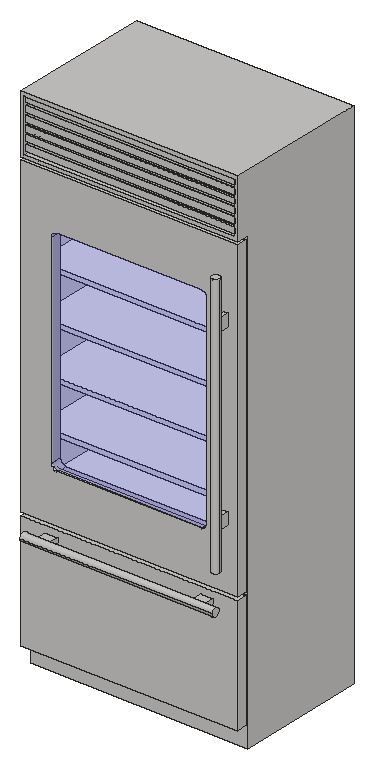
Revit family "M_Refrigerador-combinado-porta de vidro", category Equipamento especial, Revit 2019
Family settings
  Cota do conector redondo = Utilizar diâmetro
  Tipo de parte = Normal
  Número OmniClass = 23.40.40.14
  Título OmniClass = Food Service Equipment
  Com base no plano de trabalho = Não
  Sempre na vertical = Sim
  Corte com vazios quando carregada = Não
  Compartilhado = Não
  Ponto de cálculo do ambiente = Não
Parameters (values of type "900mm LH")
  Largura = 900 mm
  Deslocamento de parede = 100 mm
  Voltagem = 120 V
  Mostrar legenda = yes
  RH = no
  Consumo de energia = 1000 VA
  Legenda = "Refrigerador"
  LH = not(RH)  # yes
  Acabamento interior = Eletrodoméstico – Plástico – Branco
  Altura = 2150 mm
  Linha de centro do puxador = if(RH, 50 mm, (Largura - 50 mm))  # 850 mm
  Vidro = Eletrodoméstico – Vidro
  Junta = Eletrodoméstico – Junta
  Descrição = "Refrigerador combinado com porta de vidro"
  Linear = 600 mm
  Código de montagem = "E1090320"
  Acabamento do eletrodoméstico = Eletrodoméstico – Aço inoxidável
  Amperagem = Consumo de energia / Voltagem  # 8.33333 A
Types (2, lengths in mm): name | RH | LH | Linha de centro do puxador
  900mm LH | no | yes | 850
  900mm RH | yes | no | 50
Reference planes
  plane 1 "Parte posterior": y = 0
  plane 2: z = 0
  plane 3 "Centro (Esquerda/Direita)": x = 0
  plane 4 "Esquerda": x = -450
  plane 5 "Direita": x = 450
  plane 6: y = -100
  plane 7 "Parte frontal": y = -700
  plane 8 "Traseira da porta": y = -649.2
  plane 9 "Superior": z = 2150
  plane 10 "Porta B.O.": z = 88.9
  plane 11: z = 1905.525
  plane 12: x = 400
  plane 13: z = 1778.525
  plane 14: z = 685.8
  plane 15: z = 584.2
  plane 16: z = 533.4
  plane 17: z = 1508.125
  plane 18: z = 1304.925
  plane 19: z = 1101.725
  plane 20: z = 898.525
Forms (mm)
  Extrusion 1, solid, material "Eletrodoméstico – Aço inoxidável" <- "Acabamento do eletrodoméstico"
    sketch origin (0, 0, 0) x (1, 0, 0) y (0, 1, 0)
      loop
        line (-450, -100) -> (-450, -649.2) -> (450, -649.2) -> (450, -100) -> (-450, -100)
    from 0 to 2150
  Extrusion 2, solid, material "Eletrodoméstico – Aço inoxidável" <- "Acabamento do eletrodoméstico"
    sketch origin (0, -700, 0) x (-1, 0, 0) y (0, 0, 1)
      loop
        line (450, 2150) -> (-450, 2150) -> (-450, 1905.525) -> (450, 1905.525) -> (450, 2150)
      loop
        line (437.3, 2137.3) -> (-437.3, 2137.3) -> (-437.3, 1918.225) -> (437.3, 1918.225) -> (437.3, 2137.3)
    from 0 to 50.8
  Extrusion 3, solid, material "Eletrodoméstico – Aço inoxidável" <- "Acabamento do eletrodoméstico"
    sketch origin (0, 0, 0) x (0, 1, 0) y (0, 0, 1)
      loop
        line (-649.2, 1921.627) -> (-693.65, 1933.537) -> (-693.65, 1956.386) -> (-696.825, 1956.386) -> (-696.825, 1930.986) -> (-649.2, 1918.225) -> (-649.2, 1921.627)
      loop
        line (-649.2, 1957.809) -> (-693.65, 1969.72) -> (-693.65, 1992.569) -> (-696.825, 1992.569) -> (-696.825, 1967.169) -> (-649.2, 1954.408) -> (-649.2, 1957.809)
      loop
        line (-649.2, 1993.992) -> (-693.65, 2005.902) -> (-693.65, 2028.752) -> (-696.825, 2028.752) -> (-696.825, 2003.352) -> (-649.2, 1990.591) -> (-649.2, 1993.992)
      loop
        line (-649.2, 2030.175) -> (-693.65, 2042.085) -> (-693.65, 2064.934) -> (-696.825, 2064.934) -> (-696.825, 2039.534) -> (-649.2, 2026.773) -> (-649.2, 2030.175)
      loop
        line (-649.2, 2066.358) -> (-693.65, 2078.268) -> (-693.65, 2101.117) -> (-696.825, 2101.117) -> (-696.825, 2075.717) -> (-649.2, 2062.956) -> (-649.2, 2066.358)
      loop
        line (-649.2, 2102.54) -> (-693.65, 2114.451) -> (-693.65, 2137.3) -> (-696.825, 2137.3) -> (-696.825, 2111.9) -> (-649.2, 2099.139) -> (-649.2, 2102.54)
    from -437.3 to 437.3
  Extrusion 4, solid, material "Eletrodoméstico – Aço inoxidável" <- "Acabamento do eletrodoméstico", detail levels fine
    sketch origin (0, -700, 0) x (-1, 0, 0) y (0, 0, 1)
      loop
        line (-390.475, 1626.125) -> (-409.525, 1626.125) -> (-409.525, 1575.325) -> (-390.475, 1575.325) -> (-390.475, 1626.125)
      loop
        line (-390.475, 889) -> (-409.525, 889) -> (-409.525, 838.2) -> (-390.475, 838.2) -> (-390.475, 889)
    from -42.559 to 0
  Extrusion 5, solid, material "Eletrodoméstico – Aço inoxidável" <- "Acabamento do eletrodoméstico", detail levels fine
    sketch origin (0, 0, 0) x (1, 0, 0) y (0, 1, 0)
      loop
        circle (400, -751.174) r 15.875
    from 685.8 to 1778.525
  Extrusion 6, solid, material "Eletrodoméstico – Aço inoxidável" <- "Acabamento do eletrodoméstico"
    sketch origin (0, -700, 0) x (-1, 0, 0) y (0, 0, 1)
      loop
        line (450, 1892.825) -> (-450, 1892.825) -> (-450, 584.2) -> (450, 584.2) -> (450, 1892.825)
      loop
        line (450, 571.5) -> (-450, 571.5) -> (-450, 88.9) -> (450, 88.9) -> (450, 571.5)
      loop
        line (297.6, 1676.925) -> (-297.6, 1676.925)
        arc (-297.6, 1676.925) -> (-315.561, 1669.486) -> (-323, 1651.525) r 25.4
        line (-323, 1651.525) -> (-323, 812.8)
        arc (-323, 812.8) -> (-315.561, 794.839) -> (-297.6, 787.4) r 25.4
        line (-297.6, 787.4) -> (297.6, 787.4)
        arc (297.6, 787.4) -> (315.561, 794.839) -> (323, 812.8) r 25.4
        line (323, 812.8) -> (323, 1651.525)
        arc (323, 1651.525) -> (315.561, 1669.486) -> (297.6, 1676.925) r 25.4
    from 0 to 44.45
  Extrusion 7, solid, material "Eletrodoméstico – Aço inoxidável" <- "Acabamento do eletrodoméstico", detail levels fine
    sketch origin (0, -700, 0) x (-1, 0, 0) y (0, 0, 1)
      loop
        line (348.4, 542.925) -> (297.6, 542.925) -> (297.6, 523.875) -> (348.4, 523.875) -> (348.4, 542.925)
      loop
        line (-348.4, 542.925) -> (-348.4, 523.875) -> (-297.6, 523.875) -> (-297.6, 542.925) -> (-348.4, 542.925)
    from 0 to -42.565
  Extrusion 8, solid, material "Eletrodoméstico – Aço inoxidável" <- "Acabamento do eletrodoméstico", detail levels fine
    sketch origin (0, 0, 0) x (0, 1, 0) y (0, 0, 1)
      loop
        circle (-751.174, 533.4) r 15.875
    from -399.2 to 399.2
  Sweep 9, solid, material "Eletrodoméstico – Junta" <- "Junta", detail levels fine
    path in 3D
      loop
        line (-450, -700, 1892.825) -> (-450, -700, 584.2) -> (450, -700, 584.2) -> (450, -700, 1892.825) -> (-450, -700, 1892.825)
    profile origin (0, -700, 1892.825) x (0, -1, 0) y (0, 0, 1)
      loop
        arc (-44.45, -3.175) -> (-47.625, 0) -> (-50.8, -3.175) r 3.175
        line (-50.8, -3.175) -> (-50.8, -6.35) -> (-44.45, -6.35) -> (-44.45, -3.175)
  Sweep 10, solid, material "Eletrodoméstico – Junta" <- "Junta", detail levels fine
    path in 3D
      loop
        line (-450, -700, 571.5) -> (-450, -700, 88.9) -> (450, -700, 88.9) -> (450, -700, 571.5) -> (-450, -700, 571.5)
    profile origin (0, -700, 571.5) x (0, -1, 0) y (0, 0, 1)
      loop
        arc (-44.45, -3.175) -> (-47.625, 0) -> (-50.8, -3.175) r 3.175
        line (-50.8, -3.175) -> (-50.8, -6.35) -> (-44.45, -6.35) -> (-44.45, -3.175)
  Extrusion 11, solid, material "Eletrodoméstico – Vidro" <- "Vidro"
    sketch origin (0, -700, 0) x (-1, 0, 0) y (0, 0, 1)
      loop
        line (297.6, 1676.925) -> (-297.6, 1676.925)
        arc (-297.6, 1676.925) -> (-315.561, 1669.486) -> (-323, 1651.525) r 25.4
        line (-323, 1651.525) -> (-323, 812.8)
        arc (-323, 812.8) -> (-315.561, 794.839) -> (-297.6, 787.4) r 25.4
        line (-297.6, 787.4) -> (297.6, 787.4)
        arc (297.6, 787.4) -> (315.561, 794.839) -> (323, 812.8) r 25.4
        line (323, 812.8) -> (323, 1651.525)
        arc (323, 1651.525) -> (315.561, 1669.486) -> (297.6, 1676.925) r 25.4
    from 6.35 to 19.028
  Extrusion 12, solid, material "Eletrodoméstico – Plástico – Branco" <- "Acabamento interior", detail levels fine
    sketch origin (0, -649.2, 0) x (-1, 0, 0) y (0, 0, 1)
      loop
        line (424.6, 1508.125) -> (-424.6, 1508.125) -> (-424.6, 1489.075) -> (424.6, 1489.075) -> (424.6, 1508.125)
      loop
        line (424.6, 1304.925) -> (-424.6, 1304.925) -> (-424.6, 1285.875) -> (424.6, 1285.875) -> (424.6, 1304.925)
      loop
        line (424.6, 1101.725) -> (-424.6, 1101.725) -> (-424.6, 1082.675) -> (424.6, 1082.675) -> (424.6, 1101.725)
      loop
        line (424.6, 898.525) -> (-424.6, 898.525) -> (-424.6, 879.475) -> (424.6, 879.475) -> (424.6, 898.525)
    from 0 to 523.8
  Extrusion 13, void
    sketch origin (0, -649.2, 0) x (-1, 0, 0) y (0, 0, 1)
      loop
        line (424.6, 1905.525) -> (-424.6, 1905.525) -> (-424.6, 685.8) -> (424.6, 685.8) -> (424.6, 1905.525)
    from 0 to 523.8
Cuts and joins
  Extrusion 13 cuts Extrusion 1
  Extrusion 13 cuts Extrusion 2
  joined: Extrusion 1, Extrusion 2
  joined: Extrusion 4, Extrusion 5
  joined: Extrusion 7, Extrusion 8
  Extrusion 13 cuts Sweep 9
Lines and regions (mm)
  Split face 1
    outline origin (-450, -100, 0) x (1, 0, 0) y (0, 0, -1)
      loop
        circle (747.6, -1997.6) r 50.8
  Split face 2
    outline origin (-450, -100, 0) x (1, 0, 0) y (0, 0, -1)
      loop
        circle (450, -88.9) r 50.8
  Masking region 1
    outline origin (0, 0, 0) x (1, 0, 0) y (0, 1, 0)
      loop
        line (-450, -100) -> (-450, -700) -> (450, -700) -> (450, -100) -> (-450, -100)
  Masking region 2, detail levels fine
    outline origin (0, 0, 0) x (1, 0, 0) y (0, 1, 0)
      loop
        line (409.525, -738.474) -> (409.525, -700) -> (390.475, -700) -> (390.475, -738.474)
        arc (390.475, -738.474) -> (385.801, -744.075) -> (384.125, -751.174) r 15.875
        arc (384.125, -751.174) -> (400, -767.049) -> (415.875, -751.174) r 15.875
        arc (415.875, -751.174) -> (414.199, -744.075) -> (409.525, -738.474) r 15.875
  symbolic lines, style "Eletrodomésticos – Giro da planta", visible <- "LH", detail levels medium+fine
    curve 1: arc (450, -700, 0) -> (186.396, -1336.396, 0) -> (-450, -1600, 0) r 900
    curve 2: line (-450, -700, 0) -> (-450, -1600, 0)
  symbolic lines, style "Eletrodomésticos – Giro da planta", visible <- "RH", detail levels medium+fine
    curve 3: arc (-450, -700, 0) -> (-186.396, -1336.396, 0) -> (450, -1600, 0) r 900
    curve 4: line (450, -1600, 0) -> (450, -700, 0)
  sketch lines
    curve 5: line (450, -700, 1892.825) -> (-450, -700, 1892.825)
    curve 6: line (450, -700, 584.2) -> (450, -700, 1892.825)
    curve 7: line (-450, -700, 584.2) -> (450, -700, 584.2)
    curve 8: line (-450, -700, 1892.825) -> (-450, -700, 584.2)
    curve 9: line (450, -700, 571.5) -> (-450, -700, 571.5)
    curve 10: line (450, -700, 88.9) -> (450, -700, 571.5)
    curve 11: line (-450, -700, 88.9) -> (450, -700, 88.9)
    curve 12: line (-450, -700, 571.5) -> (-450, -700, 88.9)
  symbolic lines, style "Eletrodomésticos"
    curve 13: line (-450, -100, 0) -> (450, -100, 0)
    curve 14: line (-450, -700, 0) -> (-450, -100, 0)
    curve 15: line (450, -700, 0) -> (-450, -700, 0)
    curve 16: line (450, -100, 0) -> (450, -700, 0)
    curve 17: line (-450, -649.2, 0) -> (450, -649.2, 0)
  symbolic lines, style "Eletrodomésticos", detail levels fine
    curve 18: arc (384.125, -751.174, 0) -> (400, -767.049, 0) -> (415.875, -751.174, 0) r 15.875
    curve 19: arc (415.875, -751.174, 0) -> (400, -735.299, 0) -> (384.125, -751.174, 0) r 15.875
    curve 20: line (409.525, -738.474, 0) -> (409.525, -700, 0)
    curve 21: line (390.475, -700, 0) -> (390.475, -738.474, 0)
Dimensions and locks
  equal spacing: plane 4 "Esquerda", plane 3 "Centro (Esquerda/Direita)", plane 5 "Direita"
  "Largura": plane 4 "Esquerda" to plane 5 "Direita"
  "Linear": plane 6 to plane 7 "Parte frontal"
  "Deslocamento de parede": plane 1 "Parte posterior" to plane 6
  "Altura": plane 9 "Superior" to level
  plane 10 "Porta B.O." to level = 88.9 mm
  locked: plane 8 "Traseira da porta" to plane 7 "Parte frontal" at 50.8
  locked: plane 9 "Superior" to plane 11 at 244.475
  locked: cut or joined group of Extrusion 1, Extrusion 2, Extrusion 13 to plane 4 "Esquerda" at 12.7
  locked: plane 5 "Direita" to cut or joined group of Extrusion 1, Extrusion 2, Extrusion 13 at 12.7
  locked: plane 11 to plane 13 at 127
  plane 14 to plane 15 = 101.6 mm
  Extrusion 4 sketch curve to plane 12 to Extrusion 4 sketch curve = 9.525 mm locked, 9.525 mm locked  (x2)
  plane 13 to Extrusion 4 sketch curve to Extrusion 4 sketch curve = 152.4 mm locked, 50.8 mm locked
  Extrusion 4 sketch curve to Extrusion 4 sketch curve to plane 14 = 50.8 mm locked, 152.4 mm locked
  locked: plane 7 "Parte frontal" to Extrusion 5 sketch curve at 51.174
  locked: Split face 1 sketch curve to plane 9 "Superior" at 152.4
  locked: plane 5 "Direita" to Split face 1 sketch curve at 152.4
  "Linha de centro do puxador": plane 4 "Esquerda" to plane 12
  locked: plane 15 to plane 10 "Porta B.O." at 495.3
  locked: plane 11 to Extrusion 6 sketch curve at 12.7
  locked: plane 15 to Extrusion 6 sketch curve at 12.7
  locked: plane 15 to plane 16 at 50.8
  Extrusion 7 sketch curve to plane 16 to Extrusion 7 sketch curve = 9.525 mm locked, 9.525 mm locked  (x2)
  Extrusion 7 sketch curve to Extrusion 7 sketch curve to plane 4 "Esquerda" = 50.8 mm locked, 101.6 mm
  Extrusion 7 sketch curve to Extrusion 7 sketch curve to plane 5 "Direita" = 50.8 mm locked, 101.6 mm locked
  locked: plane 8 "Traseira da porta" to Extrusion 8 sketch curve at 101.974
  locked: plane 5 "Direita" to Extrusion 8 at 50.8
  locked: Extrusion 8 to plane 4 "Esquerda" at 50.8
  locked: plane 11 to Sweep 9 sketch curve at 19.05
  locked: plane 15 to Sweep 10 sketch curve at 19.05
  equal spacing: plane 6, nested 1, plane 8 "Traseira da porta"
  locked: plane 5 "Direita" to Extrusion 6 sketch curve at 127
  locked: Extrusion 6 sketch curve to plane 4 "Esquerda" at 127
  locked: plane 11 to Extrusion 6 sketch curve at 228.6
  Extrusion 6 sketch curve to plane 15 = 203.2 mm
  Extrusion 11 to Extrusion 11 to plane 7 "Parte frontal" = 12.678 mm locked, 6.35 mm locked
  equal spacing: plane 17, plane 18, plane 19, plane 20
  plane 17 to Extrusion 12 sketch curve = 19.05 mm
  locked: plane 18 to Extrusion 12 sketch curve at 19.05
  locked: plane 19 to Extrusion 12 sketch curve at 19.05
  locked: plane 20 to Extrusion 12 sketch curve at 19.05
  locked: plane 20 to plane 14 at 212.725
  plane 13 to plane 17 = 270.4 mm
  locked: Extrusion 13 sketch curve to plane 4 "Esquerda" at 25.4
  locked: plane 5 "Direita" to Extrusion 13 sketch curve at 25.4
  locked: plane 6 to cut or joined group of Extrusion 1, Extrusion 2, Extrusion 13 at 25.4
  locked: plane 6 to Extrusion 12 at 25.4
  "Largura": radius of curve 3
  "Largura": radius of curve 1
  aligned and locked: plane 2 to level
  aligned and locked: Extrusion 1 sketch curve to plane 6
  aligned and locked: plane 4 "Esquerda" to Extrusion 1 sketch curve
  aligned and locked: plane 8 "Traseira da porta" to Extrusion 1 sketch curve
  aligned and locked: Extrusion 1 sketch curve to plane 5 "Direita"
  aligned and locked: plane 9 "Superior" to Extrusion 1
  aligned and locked: Extrusion 2 sketch curve to Extrusion 1  (x2)
  aligned and locked: plane 11 to Extrusion 2 sketch curve
  aligned and locked: Extrusion 2 sketch curve to plane 5 "Direita"
  aligned and locked: plane 8 "Traseira da porta" to Extrusion 2
  aligned and locked: Extrusion 3 to Extrusion 2  (x2)
  aligned and locked: plane 7 "Parte frontal" to Extrusion 4
  aligned and locked: plane 12 to Extrusion 5 sketch curve
  aligned and locked: Extrusion 5 to plane 14
  aligned and locked: plane 13 to Extrusion 5
  aligned and locked: plane 3 "Centro (Esquerda/Direita)" to Split face 2 sketch curve
  aligned and locked: plane 10 "Porta B.O." to Split face 2 sketch curve
  aligned and locked: plane 13 to cut or joined group of Extrusion 4, Extrusion 5
  aligned and locked: plane 15 to Extrusion 6 sketch curve
  aligned and locked: plane 4 "Esquerda" to Extrusion 6 sketch curve  (x2)
  aligned and locked: Extrusion 6 sketch curve to plane 5 "Direita"  (x2)
  aligned and locked: plane 10 "Porta B.O." to Extrusion 6 sketch curve
  aligned and locked: plane 16 to Extrusion 8 sketch curve
  aligned and locked: curve 17 to plane 8 "Traseira da porta"
  aligned and locked: plane 3 "Centro (Esquerda/Direita)" to nested 1
  aligned and locked: Extrusion 11 sketch curve to Extrusion 6  (x4)
  aligned and locked: plane 17 to Extrusion 12 sketch curve
  aligned and locked: Extrusion 12 sketch curve to plane 20
  aligned and locked: Extrusion 12 sketch curve to plane 19
  aligned and locked: Extrusion 12 sketch curve to plane 18
  aligned and locked: plane 14 to Extrusion 13 sketch curve
  aligned and locked: Extrusion 13 sketch curve to plane 11
  aligned and locked: Masking region 1 sketch curve to plane 5 "Direita"
  aligned and locked: Masking region 1 sketch curve to plane 6
  aligned and locked: plane 4 "Esquerda" to Masking region 1 sketch curve
  aligned and locked: plane 7 "Parte frontal" to Masking region 1 sketch curve
  aligned and locked: Masking region 2 sketch curve to cut or joined group of Extrusion 4, Extrusion 5  (x5)
Automatic sketch dimensions
  Extrusion 2 sketch curve to plane 5 "Direita" = 12.7 mm
  plane 4 "Esquerda" to Extrusion 2 sketch curve = 12.7 mm
  plane 11 to Extrusion 2 sketch curve = 12.7 mm
  Extrusion 2 sketch curve to plane 9 "Superior" = 12.7 mm
  Extrusion 3 sketch curve to plane 8 "Traseira da porta" = 0 mm  (x6)
  plane 7 "Parte frontal" to Extrusion 3 sketch curve = 6.35 mm  (x6)
  Extrusion 3 sketch curve to Extrusion 3 sketch curve = 3.175 mm  (x2)
  plane 7 "Parte frontal" to Extrusion 3 sketch curve = 3.175 mm  (x4)
  plane 11 to Extrusion 3 sketch curve = 12.7 mm
  Extrusion 3 sketch curve to Extrusion 3 sketch curve = 3.402 mm  (x6)
  plane 11 to Extrusion 3 sketch curve = 25.461 mm
  Extrusion 3 sketch curve to Extrusion 3 sketch curve = 2.551 mm  (x6)
  Extrusion 3 sketch curve to Extrusion 3 sketch curve = 32.781 mm  (x5)
  Extrusion 3 sketch curve to Extrusion 3 sketch curve = 22.849 mm  (x5)
  Extrusion 3 sketch curve to Extrusion 3 sketch curve = 10.783 mm  (x5)
  Extrusion 3 sketch curve to plane 9 "Superior" = 12.7 mm
  profile plane to Sweep 9 sketch curve = 50.8 mm
  Sweep 9 sketch curve to Sweep 9 sketch curve = 3.175 mm
  Sweep 9 sketch curve to profile plane = 3.175 mm
  profile plane to Sweep 10 sketch curve = 50.8 mm
  Sweep 10 sketch curve to Sweep 10 sketch curve = 3.175 mm
  Sweep 10 sketch curve to profile plane = 3.175 mm
  Extrusion 6 sketch curve to Extrusion 6 sketch curve = 25.4 mm  (x4)
  Extrusion 12 sketch curve to plane 5 "Direita" = 25.4 mm  (x4)
  plane 4 "Esquerda" to Extrusion 12 sketch curve = 25.4 mm  (x4)
  Masking region 2 sketch curve to Masking region 2 sketch curve = 0 mm
  curve 1 to plane 4 "Esquerda" = 0 mm
  curve 21 to plane 7 "Parte frontal" = 0 mm
  curve 19 to plane 12 = 0 mm
  curve 13 to plane 6 = 0 mm
  curve 19 to plane 7 "Parte frontal" = 51.174 mm
  curve 19 to plane 12 = 15.875 mm
  curve 21 to plane 12 = 9.525 mm
  plane 12 to curve 20 = 9.525 mm
  radius of Extrusion 5 sketch curve = 15.875 mm
  radius of Split face 1 sketch curve = 50.8 mm
  radius of Split face 2 sketch curve = 50.8 mm
  radius of Extrusion 8 sketch curve = 15.875 mm
Nested families
  nested 1: "Anotação de legenda de 2,5" at (0, -374.6, 0), visible <- "Mostrar legenda", type "Anotação de legenda de 2,5"
Connectors
  electrical at (297.6, -100, 1997.6), driven by "Voltagem", driven by "Consumo de energia"
    settings: on Extrusion 1, index 1, voltage 120 V, apparent load 1000 VA, apparent load phase1 0 VA, apparent load phase2 0 VA, apparent load phase3 0 VA, power factor 1, load classification "Eletrodoméstico", number of poles 1, system type 30, power factor state 1, is connector primary yes, connector utility no, sub classification motor no, connector description "Potência do refrigerador"
  piping at (0, -100, 88.9), diameter 6.35
    settings: on Extrusion 1, index 2, connector inside diameter 609.6 mm, connector length 0 mm, flow factor 0, pipe flow 0.0 L/s, pressure drop 0.0 Pa, fitting loss kfactor 0, connector angle 0.00°, fixture units 1, engagement length 0 mm, angle of deflection 0.00°, flow configuration 3, flow direction 1, fitting loss method 0, system type 20, joint type 0, gender type 0, connector reference index -1, connector utility 0, adjustable connector no, is connector primary yes, connector description "Gelo – Suprimento de água"
Definition of nested family "Anotação de legenda de 2,5"
  Parameters
    Legenda = "Congelador 36 LH"
  Reference planes
    plane 1: y = 0
    plane 2: x = 0
  Text (mm)
    label "Legenda" at (0.095, -0.088, 0), shows "Legenda"
